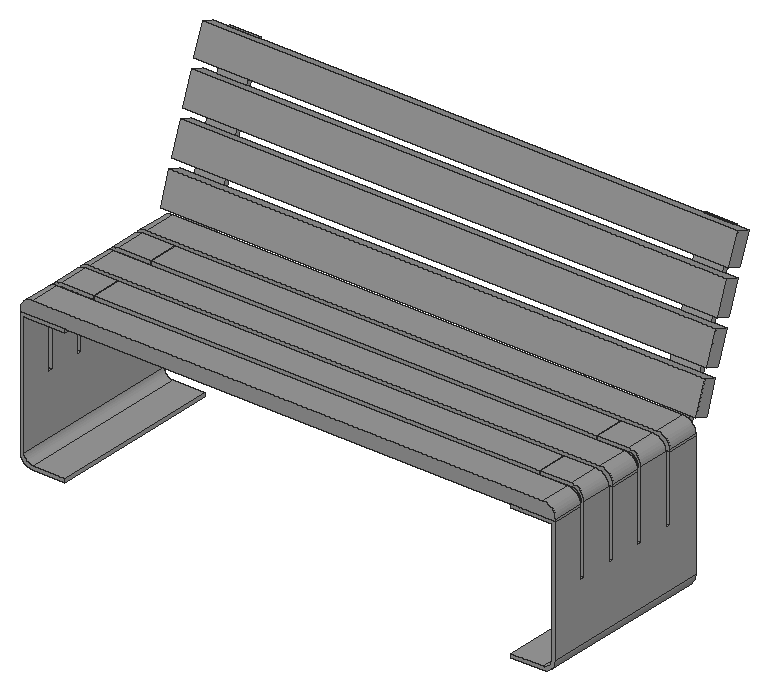
Revit family "Скамейка стальная «Стиль» Арт 14028", category Антураж, Revit 2018
Family settings
  На основе рабочей плоскости = Нет
  Всегда вертикально = Да
  При загрузке вырезать с полостями = Нет
  Источник визуального образа = Геометрия семейства
  Общий = Нет
  Точка расчета площади = Нет
Parameters (values of type "Скамейка стальная «Стиль»")
  Ширина = 690 mm  # constant formula
  Цвет опоры = Сталь
  Цвет лавки = Дерево
  Описание = "Скамейка стальная «Стиль»"  # constant formula
  Материал изделия = "Сталь, дерево"  # constant formula
  Изображение типоразмера = Скамейка стальная «Стиль» Арт 14028.jpg
  Изготовитель = "ООО «Хоббика»"  # constant formula
  Длина = 1500 mm  # constant formula
  Группа модели = "Скамейки"  # constant formula
  Высота = 842 mm  # constant formula
  Артикул товара = "Арт. 14028"  # constant formula
  URL = "https://hobbyka.ru/product/skameyka_stil/"
Reference planes
  plane 1 "По центру (Вперед/Назад)": y = 0
  plane 2: z = 0
  plane 3 "По центру (Влево/Вправо)": x = 0
  plane 4: x = 1500
  plane 5: y = 690
  plane 6: z = 842
Forms (mm)
  Extrusion 1, solid, material "Сталь" <- "Цвет опоры"
    sketch origin (0, 0, 0) x (1, 0, 0) y (0, 0, 1)
      loop
        line (0, 385) -> (0, 35)
        arc (0, 35) -> (10.251, 10.251) -> (35, 0) r 35
        line (35, 0) -> (125, 0) -> (125, 10) -> (35, 10)
        arc (35, 10) -> (17.322, 17.322) -> (10, 35) r 25
        line (10, 35) -> (10, 375) -> (125, 375) -> (125, 385) -> (0, 385)
    from -490 to 0
  Extrusion 2, solid, material "Сталь" <- "Цвет опоры"
    sketch origin (0, 0, 35) x (1, 0, 0) y (0, 0, 1)
      loop
        line (0, 355) -> (0, 285) -> (10, 285) -> (10, 355)
        arc (10, 355) -> (17.322, 372.678) -> (35, 380) r 25
        line (35, 380) -> (125, 380) -> (125, 390) -> (35, 390)
        arc (35, 390) -> (10.251, 379.749) -> (0, 355) r 35
    from -185.183 to -100.183
  Extrusion 3, solid, material "Сталь" <- "Цвет опоры"
    sketch origin (0, 0, 35) x (1, 0, 0) y (0, 0, 1)
      loop
        line (0, 355) -> (0, 285) -> (10, 285) -> (10, 355)
        arc (10, 355) -> (17.322, 372.678) -> (35, 380) r 25
        line (35, 380) -> (125, 380) -> (125, 390) -> (35, 390)
        arc (35, 390) -> (10.251, 379.749) -> (0, 355) r 35
    from -385.183 to -300.183
  Extrusion 4, void
    sketch origin (0, 0, 0) x (0, 1, 0) y (0, 0, 1)
      loop
        line (385.183, 425) -> (385.183, 200) -> (400.183, 200) -> (400.183, 425) -> (385.183, 425)
      loop
        line (300.183, 425) -> (285.183, 425) -> (285.183, 200) -> (300.183, 200) -> (300.183, 425)
      loop
        line (185.183, 425) -> (185.183, 200) -> (200.183, 200) -> (200.183, 425) -> (185.183, 425)
      loop
        line (100.183, 425) -> (85.183, 425) -> (85.183, 200) -> (100.183, 200) -> (100.183, 425)
    from 0 to 10
  Extrusion 5, void
    sketch origin (0, 0, 0) x (0, 1, 0) y (0, 0, 1)
      loop
        line (400.183, 338.99) -> (400.183, 385) -> (285.183, 385) -> (285.183, 338.99) -> (400.183, 338.99)
      loop
        line (200.183, 338.528) -> (200.183, 385) -> (85.183, 385) -> (85.183, 338.528) -> (200.183, 338.528)
    from 10 to 125
  Extrusion 6, solid, material "Сталь" <- "Цвет опоры"
    sketch origin (1500, 0, 0) x (-1, 0, 0) y (0, 0, -1)
      loop
        line (0, -385) -> (125, -385) -> (125, -375) -> (10, -375) -> (10, -35)
        arc (10, -35) -> (17.322, -17.322) -> (35, -10) r 25
        line (35, -10) -> (125, -10) -> (125, 0) -> (35, 0)
        arc (35, 0) -> (10.251, -10.251) -> (0, -35) r 35
        line (0, -35) -> (0, -385)
    from -490 to 0
  Extrusion 7, solid, material "Сталь" <- "Цвет опоры"
    sketch origin (1500, 0, 35) x (-1, 0, 0) y (0, 0, -1)
      loop
        arc (0, -355) -> (10.251, -379.749) -> (35, -390) r 35
        line (35, -390) -> (125, -390) -> (125, -380) -> (35, -380)
        arc (35, -380) -> (17.322, -372.678) -> (10, -355) r 25
        line (10, -355) -> (10, -285) -> (0, -285) -> (0, -355)
    from -185.183 to -100.183
  Extrusion 8, solid, material "Сталь" <- "Цвет опоры"
    sketch origin (1500, 0, 35) x (-1, 0, 0) y (0, 0, -1)
      loop
        arc (0, -355) -> (10.251, -379.749) -> (35, -390) r 35
        line (35, -390) -> (125, -390) -> (125, -380) -> (35, -380)
        arc (35, -380) -> (17.322, -372.678) -> (10, -355) r 25
        line (10, -355) -> (10, -285) -> (0, -285) -> (0, -355)
    from -385.183 to -300.183
  Extrusion 9, void
    sketch origin (1500, 0, 0) x (0, 1, 0) y (0, 0, -1)
      loop
        line (385.183, -425) -> (400.183, -425) -> (400.183, -200) -> (385.183, -200) -> (385.183, -425)
      loop
        line (300.183, -425) -> (300.183, -200) -> (285.183, -200) -> (285.183, -425) -> (300.183, -425)
      loop
        line (185.183, -425) -> (200.183, -425) -> (200.183, -200) -> (185.183, -200) -> (185.183, -425)
      loop
        line (100.183, -425) -> (100.183, -200) -> (85.183, -200) -> (85.183, -425) -> (100.183, -425)
    from 0 to 10
  Extrusion 10, void
    sketch origin (1500, 0, 0) x (0, 1, 0) y (0, 0, -1)
      loop
        line (400.183, -338.99) -> (285.183, -338.99) -> (285.183, -385) -> (400.183, -385) -> (400.183, -338.99)
      loop
        line (200.183, -338.528) -> (85.183, -338.528) -> (85.183, -385) -> (200.183, -385) -> (200.183, -338.528)
    from 10 to 125
  Extrusion 11, solid, material "Сталь" <- "Цвет опоры"
    sketch origin (0, 0, 0) x (0, 1, 0) y (0, 0, 1)
      loop
        line (685.207, 818.284) -> (675.511, 820.882) -> (518.689, 390.016)
        arc (518.689, 390.016) -> (515.914, 386.585) -> (511.794, 385) r 8.527
        line (511.794, 385) -> (490, 385) -> (490, 375) -> (512.22, 375)
        arc (512.22, 375) -> (521.709, 378.435) -> (527.99, 386.334) r 18.527
        line (527.99, 386.334) -> (685.207, 818.284)
    from 40 to 125
  Extrusion 12, solid, material "Сталь" <- "Цвет опоры"
    sketch origin (1500, 0, 0) x (0, 1, 0) y (0, 0, -1)
      loop
        line (685.207, -818.284) -> (527.99, -386.334)
        arc (527.99, -386.334) -> (521.709, -378.435) -> (512.22, -375) r 18.527
        line (512.22, -375) -> (490, -375) -> (490, -385) -> (511.794, -385)
        arc (511.794, -385) -> (515.914, -386.585) -> (518.689, -390.016) r 8.527
        line (518.689, -390.016) -> (675.511, -820.882) -> (685.207, -818.284)
    from 40 to 125
  Extrusion 13, solid, material "Дерево" <- "Цвет лавки"
    sketch origin (0, 0, 0) x (0, 1, 0) y (0, 0, 1)
      loop
        line (675.511, 820.882) -> (637.923, 834.563) -> (608.852, 754.689) -> (646.439, 741.008) -> (675.511, 820.882)
      loop
        line (637.889, 717.516) -> (600.301, 731.197) -> (569.519, 646.625) -> (607.107, 632.944) -> (637.889, 717.516)
      loop
        line (598.557, 609.451) -> (560.969, 623.132) -> (530.187, 538.56) -> (567.775, 524.879) -> (598.557, 609.451)
      loop
        line (559.224, 501.387) -> (521.637, 515.068) -> (490.855, 430.495) -> (528.442, 416.814) -> (559.224, 501.387)
    from 0 to 1500
  Extrusion 14, solid, material "Дерево" <- "Цвет лавки"
    sketch origin (0, 0, 0) x (1, 0, 0) y (0, 0, 1)
      loop
        arc (35, 425) -> (10.251, 414.749) -> (0, 390) r 35
        line (0, 390) -> (0, 385) -> (1500, 385) -> (1500, 390)
        arc (1500, 390) -> (1489.749, 414.749) -> (1465, 425) r 35
        line (1465, 425) -> (35, 425)
    from 0 to -85.183
  Extrusion 15, solid, material "Дерево" <- "Цвет лавки"
    sketch origin (0, 0, 0) x (1, 0, 0) y (0, 0, 1)
      loop
        arc (35, 425) -> (10.251, 414.749) -> (0, 390) r 35
        line (0, 390) -> (0, 385) -> (1500, 385) -> (1500, 390)
        arc (1500, 390) -> (1489.749, 414.749) -> (1465, 425) r 35
        line (1465, 425) -> (35, 425)
    from -200.183 to -285.183
  Extrusion 16, solid, material "Дерево" <- "Цвет лавки"
    sketch origin (0, 0, 0) x (1, 0, 0) y (0, 0, 1)
      loop
        arc (35, 425) -> (10.251, 414.749) -> (0, 390) r 35
        line (0, 390) -> (0, 385) -> (1500, 385) -> (1500, 390)
        arc (1500, 390) -> (1489.749, 414.749) -> (1465, 425) r 35
        line (1465, 425) -> (35, 425)
    from -400.183 to -490
  Extrusion 17, solid, material "Дерево" <- "Цвет лавки"
    sketch origin (0, 0, 0) x (1, 0, 0) y (0, 0, 1)
      loop
        line (125, 425) -> (125, 415) -> (35, 415)
        arc (35, 415) -> (17.322, 407.678) -> (10, 390) r 25
        line (10, 390) -> (10, 385) -> (1490, 385) -> (1490, 390)
        arc (1490, 390) -> (1482.678, 407.678) -> (1465, 415) r 25
        line (1465, 415) -> (1375, 415) -> (1375, 425) -> (125, 425)
    from -100.183 to -185.183
  Extrusion 18, solid, material "Дерево" <- "Цвет лавки"
    sketch origin (0, 0, 0) x (1, 0, 0) y (0, 0, 1)
      loop
        line (125, 425) -> (125, 415) -> (35, 415)
        arc (35, 415) -> (17.322, 407.678) -> (10, 390) r 25
        line (10, 390) -> (10, 385) -> (1490, 385) -> (1490, 390)
        arc (1490, 390) -> (1482.678, 407.678) -> (1465, 415) r 25
        line (1465, 415) -> (1375, 415) -> (1375, 425) -> (125, 425)
    from -300.183 to -385.183
Cuts and joins
  Extrusion 4, Extrusion 5, Extrusion 9, Extrusion 10 cuts Extrusion 1
  Extrusion 4, Extrusion 5, Extrusion 9, Extrusion 10 cuts Extrusion 2
  Extrusion 4, Extrusion 5, Extrusion 9, Extrusion 10 cuts Extrusion 3
  joined: Extrusion 1, Extrusion 2, Extrusion 3, Extrusion 11
  Extrusion 9, Extrusion 10 cuts Extrusion 6
  Extrusion 9 cuts Extrusion 7
  Extrusion 9 cuts Extrusion 8
  joined: Extrusion 6, Extrusion 7, Extrusion 8, Extrusion 12
Dimensions and locks
  "Длина": plane 3 "По центру (Влево/Вправо)" to plane 4
  "Ширина": plane 5 to plane 1 "По центру (Вперед/Назад)"
  "Высота": plane 6 to plane 2
  aligned and locked: level to plane 2
  aligned and locked: plane 4 to Extrusion 13
Automatic sketch dimensions
  Extrusion 1 sketch curve to Extrusion 1 sketch curve = 0 mm  (x2)
  Extrusion 1 sketch curve to plane 3 "По центру (Влево/Вправо)" = 0 mm
  Extrusion 1 sketch curve to level = 0 mm
  plane 3 "По центру (Влево/Вправо)" to Extrusion 1 sketch curve = 10 mm
  plane 3 "По центру (Влево/Вправо)" to Extrusion 1 sketch curve = 35 mm
  Extrusion 1 sketch curve to Extrusion 1 sketch curve = 90 mm
  Extrusion 1 sketch curve to Extrusion 1 sketch curve = 115 mm
  Extrusion 1 sketch curve to Extrusion 1 sketch curve = 340 mm
  Extrusion 1 sketch curve to Extrusion 1 sketch curve = 10 mm
  Extrusion 2 sketch curve to Extrusion 2 sketch curve = 0 mm  (x3)
  Extrusion 2 sketch curve to plane 3 "По центру (Влево/Вправо)" = 0 mm
  Extrusion 2 sketch curve to Extrusion 2 sketch curve = 10 mm
  Extrusion 2 sketch curve to Extrusion 2 sketch curve = 25 mm
  Extrusion 2 sketch curve to Extrusion 2 sketch curve = 90 mm
  level to Extrusion 2 sketch curve = 320 mm
  Extrusion 2 sketch curve to Extrusion 2 sketch curve = 70 mm
  Extrusion 3 sketch curve to Extrusion 3 sketch curve = 0 mm  (x3)
  Extrusion 3 sketch curve to plane 3 "По центру (Влево/Вправо)" = 0 mm
  Extrusion 3 sketch curve to Extrusion 3 sketch curve = 10 mm
  Extrusion 3 sketch curve to Extrusion 3 sketch curve = 25 mm
  Extrusion 3 sketch curve to Extrusion 3 sketch curve = 90 mm
  level to Extrusion 3 sketch curve = 320 mm
  Extrusion 3 sketch curve to Extrusion 3 sketch curve = 70 mm
  Extrusion 4 sketch curve to plane 1 "По центру (Вперед/Назад)" = 85.183 mm
  Extrusion 4 sketch curve to Extrusion 4 sketch curve = 15 mm  (x4)
  Extrusion 4 sketch curve to Extrusion 4 sketch curve = 85 mm  (x3)
  level to Extrusion 4 sketch curve = 200 mm  (x2)
  Extrusion 4 sketch curve to Extrusion 4 sketch curve = 0 mm  (x5)
  Extrusion 4 sketch curve to Extrusion 4 sketch curve = 225 mm
  Extrusion 5 sketch curve to plane 1 "По центру (Вперед/Назад)" = 85.183 mm
  Extrusion 5 sketch curve to Extrusion 5 sketch curve = 115 mm  (x2)
  Extrusion 5 sketch curve to Extrusion 5 sketch curve = 85 mm
  level to Extrusion 5 sketch curve = 338.528 mm
  Extrusion 5 sketch curve to Extrusion 5 sketch curve = 0.463 mm
  Extrusion 5 sketch curve to Extrusion 5 sketch curve = 46.01 mm
  Extrusion 5 sketch curve to Extrusion 5 sketch curve = 46.472 mm
  Extrusion 6 sketch curve to Extrusion 6 sketch curve = 0 mm  (x2)
  Extrusion 6 sketch curve to plane 4 = 0 mm
  Extrusion 6 sketch curve to level = 0 mm
  plane 4 to Extrusion 6 sketch curve = 10 mm
  plane 4 to Extrusion 6 sketch curve = 35 mm
  Extrusion 6 sketch curve to Extrusion 6 sketch curve = 90 mm
  Extrusion 6 sketch curve to Extrusion 6 sketch curve = 115 mm
  Extrusion 6 sketch curve to Extrusion 6 sketch curve = 340 mm
  Extrusion 6 sketch curve to Extrusion 6 sketch curve = 10 mm
  Extrusion 7 sketch curve to Extrusion 7 sketch curve = 0 mm  (x3)
  Extrusion 7 sketch curve to plane 4 = 0 mm
  plane 4 to Extrusion 7 sketch curve = 10 mm
  Extrusion 7 sketch curve to Extrusion 7 sketch curve = 25 mm
  Extrusion 7 sketch curve to Extrusion 7 sketch curve = 90 mm
  Extrusion 7 sketch curve to level = 320 mm
  Extrusion 7 sketch curve to Extrusion 7 sketch curve = 70 mm
  Extrusion 8 sketch curve to Extrusion 8 sketch curve = 0 mm  (x3)
  Extrusion 8 sketch curve to plane 4 = 0 mm
  plane 4 to Extrusion 8 sketch curve = 10 mm
  Extrusion 8 sketch curve to Extrusion 8 sketch curve = 25 mm
  Extrusion 8 sketch curve to Extrusion 8 sketch curve = 90 mm
  Extrusion 8 sketch curve to level = 320 mm
  Extrusion 8 sketch curve to Extrusion 8 sketch curve = 70 mm
  Extrusion 9 sketch curve to plane 1 "По центру (Вперед/Назад)" = 85.183 mm
  Extrusion 9 sketch curve to Extrusion 9 sketch curve = 15 mm  (x4)
  Extrusion 9 sketch curve to Extrusion 9 sketch curve = 85 mm  (x3)
  Extrusion 9 sketch curve to plane 6 = 417 mm
  Extrusion 9 sketch curve to Extrusion 9 sketch curve = 0 mm  (x6)
  level to Extrusion 9 sketch curve = 200 mm
  Extrusion 10 sketch curve to plane 1 "По центру (Вперед/Назад)" = 85.183 mm
  Extrusion 10 sketch curve to Extrusion 10 sketch curve = 115 mm  (x2)
  Extrusion 10 sketch curve to Extrusion 10 sketch curve = 85 mm
  level to Extrusion 10 sketch curve = 385 mm
  Extrusion 10 sketch curve to Extrusion 10 sketch curve = 0 mm
  Extrusion 10 sketch curve to Extrusion 10 sketch curve = 46.01 mm
  Extrusion 10 sketch curve to Extrusion 10 sketch curve = 46.472 mm
  Extrusion 11 sketch curve to Extrusion 11 sketch curve = 0 mm  (x2)
  Extrusion 11 sketch curve to plane 5 = 200 mm
  Extrusion 11 sketch curve to Extrusion 11 sketch curve = 20.897 mm
  Extrusion 11 sketch curve to Extrusion 11 sketch curve = 0.897 mm
  Extrusion 11 sketch curve to Extrusion 11 sketch curve = 0.426 mm
  Extrusion 11 sketch curve to Extrusion 11 sketch curve = 7.792 mm
  Extrusion 11 sketch curve to Extrusion 11 sketch curve = 9.301 mm
  Extrusion 11 sketch curve to plane 5 = 14.489 mm
  Extrusion 11 sketch curve to plane 5 = 4.793 mm
  level to Extrusion 11 sketch curve = 375 mm
  Extrusion 11 sketch curve to Extrusion 11 sketch curve = 10 mm
  Extrusion 11 sketch curve to Extrusion 11 sketch curve = 1.334 mm
  Extrusion 11 sketch curve to plane 6 = 23.716 mm
  Extrusion 11 sketch curve to Extrusion 11 sketch curve = 2.598 mm
  Extrusion 12 sketch curve to Extrusion 12 sketch curve = 0 mm  (x2)
  Extrusion 12 sketch curve to plane 5 = 200 mm
  Extrusion 12 sketch curve to Extrusion 12 sketch curve = 20.897 mm
  Extrusion 12 sketch curve to Extrusion 12 sketch curve = 0.897 mm
  Extrusion 12 sketch curve to Extrusion 12 sketch curve = 0.426 mm
  Extrusion 12 sketch curve to Extrusion 12 sketch curve = 7.792 mm
  Extrusion 12 sketch curve to Extrusion 12 sketch curve = 9.301 mm
  Extrusion 12 sketch curve to plane 5 = 14.489 mm
  Extrusion 12 sketch curve to plane 5 = 4.793 mm
  Extrusion 12 sketch curve to plane 6 = 21.118 mm
  Extrusion 12 sketch curve to Extrusion 12 sketch curve = 2.598 mm
  level to Extrusion 12 sketch curve = 393.479 mm
  Extrusion 12 sketch curve to Extrusion 12 sketch curve = 3.463 mm
  Extrusion 12 sketch curve to Extrusion 12 sketch curve = 3.683 mm
  Extrusion 13 sketch curve to plane 5 = 199.145 mm
  Extrusion 13 sketch curve to Extrusion 13 sketch curve = 30.782 mm  (x2)
  Extrusion 13 sketch curve to Extrusion 13 sketch curve = 37.588 mm
  Extrusion 13 sketch curve to Extrusion 13 sketch curve = 8.551 mm  (x6)
  Extrusion 13 sketch curve to plane 5 = 89.699 mm
  Extrusion 13 sketch curve to plane 6 = 7.437 mm
  Extrusion 13 sketch curve to plane 5 = 52.077 mm
  Extrusion 13 sketch curve to plane 6 = 21.118 mm
  Extrusion 13 sketch curve to Extrusion 13 sketch curve = 23.492 mm  (x6)
  Extrusion 14 sketch curve to plane 3 "По центру (Влево/Вправо)" = 0 mm
  Extrusion 14 sketch curve to plane 4 = 0 mm
  plane 3 "По центру (Влево/Вправо)" to Extrusion 14 sketch curve = 35 mm
  Extrusion 14 sketch curve to plane 4 = 35 mm
  level to Extrusion 14 sketch curve = 385 mm
  Extrusion 14 sketch curve to Extrusion 14 sketch curve = 5 mm
  Extrusion 15 sketch curve to plane 3 "По центру (Влево/Вправо)" = 0 mm
  Extrusion 15 sketch curve to plane 4 = 0 mm
  plane 3 "По центру (Влево/Вправо)" to Extrusion 15 sketch curve = 35 mm
  Extrusion 15 sketch curve to plane 4 = 35 mm
  level to Extrusion 15 sketch curve = 385 mm
  Extrusion 15 sketch curve to Extrusion 15 sketch curve = 5 mm
  Extrusion 16 sketch curve to plane 3 "По центру (Влево/Вправо)" = 0 mm
  Extrusion 16 sketch curve to plane 4 = 0 mm
  plane 3 "По центру (Влево/Вправо)" to Extrusion 16 sketch curve = 35 mm
  Extrusion 16 sketch curve to plane 4 = 35 mm
  level to Extrusion 16 sketch curve = 385 mm
  Extrusion 16 sketch curve to Extrusion 16 sketch curve = 5 mm
  plane 3 "По центру (Влево/Вправо)" to Extrusion 17 sketch curve = 10 mm
  Extrusion 17 sketch curve to Extrusion 17 sketch curve = 25 mm
  Extrusion 17 sketch curve to Extrusion 17 sketch curve = 90 mm
  Extrusion 17 sketch curve to plane 4 = 125 mm
  Extrusion 17 sketch curve to plane 4 = 35 mm
  Extrusion 17 sketch curve to plane 4 = 10 mm
  level to Extrusion 17 sketch curve = 385 mm
  Extrusion 17 sketch curve to Extrusion 17 sketch curve = 5 mm  (x2)
  Extrusion 17 sketch curve to Extrusion 17 sketch curve = 10 mm
  plane 3 "По центру (Влево/Вправо)" to Extrusion 18 sketch curve = 10 mm
  Extrusion 18 sketch curve to Extrusion 18 sketch curve = 25 mm
  Extrusion 18 sketch curve to Extrusion 18 sketch curve = 90 mm
  Extrusion 18 sketch curve to plane 4 = 125 mm
  Extrusion 18 sketch curve to plane 4 = 35 mm
  Extrusion 18 sketch curve to plane 4 = 10 mm
  level to Extrusion 18 sketch curve = 385 mm
  Extrusion 18 sketch curve to Extrusion 18 sketch curve = 5 mm  (x2)
  Extrusion 18 sketch curve to Extrusion 18 sketch curve = 10 mm
